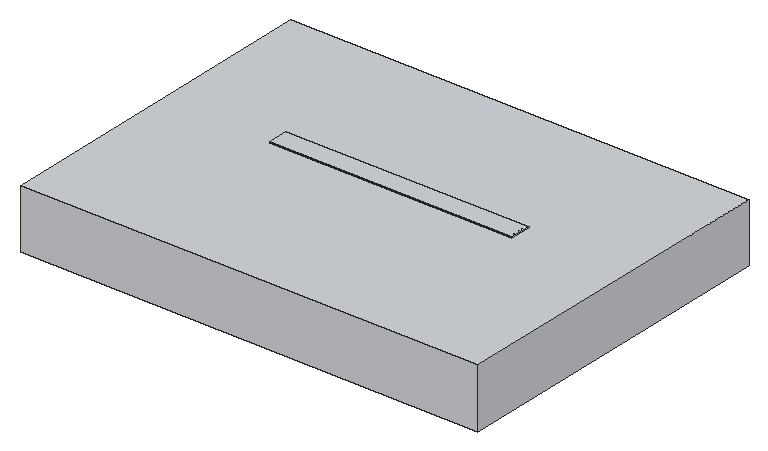
Revit family "006797a8766548419ad9a9862c420e69", category Air Terminals, host Face, Revit 2021
Family settings
  Host = Face
  Round Connector Dimension = Use Radius
  Part Type = Normal
  OmniClass Number = 23.75.70.21.27.11
  OmniClass Title = Diffusers, Registers, and Grilles
  Seek Item ID = Supply Diffuser with Plenum - Linear Slot - Hosted-0000-USA-ENU
  Cut with Voids When Loaded = No
  Shared = No
  Room Calculation Point = No
Parameters (values of type "Standard")
  Width 5 = Diffuser Half Width + 0' 1 1/4"  # 0' - 2 7/8"
  Width 4 = Diffuser Half Width / 4  # 0' - 0 13/32"
  Width 3 = Diffuser Half Width / 3  # 0' - 0.54167"
  Width 2 = Diffuser Half Width / 2  # 0' - 0 13/16"
  Width 1 = Diffuser Width / 2 + 0' 0 1/2"  # 0' - 2 1/8"
  Slot Width = 0' - 1"
  Slot Number = 2
  Pressure Drop [instance] = 0.071 in-wg
  Duct Radius = 3"
  Duct Diameter = Duct Radius * 2  # 6"
  Length 1 = Diffuser Length / 2 + 0' 0 1/2"  # 2' - 0 1/2"
  Flow [instance] = 120 CFM
  Diffuser material = none
  Diffuser Half Length = Diffuser Length * 1 / 2  # 2' - 0"
  Diffuser Width = 0' - 3 1/4"
  Diffuser Length = 4' - 0"
  Diffuser Half Width = Diffuser Width * 1 / 2  # 0' - 1 5/8"
  Default Elevation = 4' - 0"
  Assembly Code = ""
  Slot Visibility 4 = Slot Number = 4  # no
  Slot Visibility 3 = Slot Number = 3  # no
  Slot Visibility 2 = Slot Number = 2  # yes
  Slot Visibility 1 = Slot Number = 1  # no
Reference planes (in)
  plane 1 "Center (Front/Back)": y = 0
  plane 2: z = 0
  plane 3 "Center (Left/Right)": x = 0
  plane 4: y = -1.625
  plane 5: y = -2.125
  plane 6: y = 2.125
  plane 7: y = 1.625
  plane 8: x = -24
  plane 9: x = 24.5
  plane 10: x = 24
  plane 11: x = -24.5
  plane 12 "top surface": z = 0.125
  plane 13: z = -11
  plane 14: z = -9.25
  plane 15: z = -6.25
  plane 16: x = -3
  plane 17: x = 3
  plane 18: y = -2.875
  plane 19: y = 0.8125
  plane 20: y = -0.8125
  plane 21: y = 1.08333
  plane 22: y = -1.08333
  plane 23: y = 0.40625
  plane 24: y = 1.21875
  plane 25: y = -0.40625
  plane 26: y = -1.21875
Forms (in)
  Extrusion 1, solid
    sketch origin (0, 0, 0) x (1, 0, 0) y (0, 1, 0)
      loop
        line (-46.5, 30.875) -> (-46.5, -37.625) -> (46, -37.625) -> (46, 30.875) -> (-46.5, 30.875)
    from 0 to -12
  Extrusion 2, solid, material <- "Diffuser material"
    sketch origin (0, 0, 0) x (1, 0, 0) y (0, 1, 0)
      loop
        line (-24, 1.625) -> (-24, -1.625) -> (24, -1.625) -> (24, 1.625) -> (-24, 1.625)
    from -11 to 0
  Extrusion 3, solid, material <- "Diffuser material"
    sketch origin (-7.87757, -0.24542, 0) x (1, 0, 0) y (0, 1, 0)
      loop
        line (-16.62243, 2.37042) -> (-16.62243, -1.87958) -> (32.37757, -1.87958) -> (32.37757, 2.37042) -> (-16.62243, 2.37042)
    from 0 to 0.125
  Extrusion 4, solid, material <- "Diffuser material"
    sketch origin (0, 0, 0) x (1, 0, 0) y (0, 0, 1)
      loop
        circle (0, -6.25) r 3
    from 1.625 to 2.875
Lines and regions (in)
  model lines
    curve 1: line (-24, 1.625, 0.125) -> (24, 1.625, 0.125)
    curve 2: line (-24, -1.625, 0.125) -> (-24, 1.625, 0.125)
    curve 3: line (24, -1.625, 0.125) -> (-24, -1.625, 0.125)
    curve 4: line (24, 1.625, 0.125) -> (24, -1.625, 0.125)
  model lines, visible <- "Slot Visibility 2"
    curve 5: line (-24, 0.8125, 0.125) -> (24, 0.8125, 0.125)
    curve 6: line (-24, -0.8125, 0.125) -> (24, -0.8125, 0.125)
  model lines, visible <- "Slot Visibility 4"
    curve 7: line (-24, 1.21875, 0.125) -> (24, 1.21875, 0.125)
    curve 8: line (-24, -1.21875, 0.125) -> (24, -1.21875, 0.125)
    curve 9: line (-24, 0.40625, 0.125) -> (24, 0.40625, 0.125)
    curve 10: line (-24, -0.40625, 0.125) -> (24, -0.40625, 0.125)
  model lines, visible <- "Slot Visibility 3"
    curve 11: line (-24, 0, 0.125) -> (24, 0, 0.125)
    curve 12: line (-24, 1.08333, 0.125) -> (24, 1.08333, 0.125)
    curve 13: line (-24, -1.08333, 0.125) -> (24, -1.08333, 0.125)
  model lines, visible <- "Slot Visibility 1"
    curve 14: line (-24, 0, 0.125) -> (24, 0, 0.125)
  symbolic lines, visible <- "Slot Visibility 1", detail levels fine
    curve 15: line (-24, 0, 0) -> (24, 0, 0)
  symbolic lines, visible <- "Slot Visibility 3", detail levels fine
    curve 16: line (-24, 0, 0) -> (24, 0, 0)
    curve 21: line (-24, 1.08333, 0) -> (24, 1.08333, 0)
    curve 22: line (-24, -1.08333, 0) -> (24, -1.08333, 0)
  symbolic lines, visible <- "Slot Visibility 4", detail levels fine
    curve 17: line (-24, 0.40625, 0) -> (24, 0.40625, 0)
    curve 18: line (-24, -0.40625, 0) -> (24, -0.40625, 0)
    curve 23: line (-24, 1.21875, 0) -> (24, 1.21875, 0)
    curve 24: line (-24, -1.21875, 0) -> (24, -1.21875, 0)
  symbolic lines, visible <- "Slot Visibility 2", detail levels fine
    curve 19: line (-24, 0.8125, 0) -> (24, 0.8125, 0)
    curve 20: line (-24, -0.8125, 0) -> (24, -0.8125, 0)
  symbolic lines
    curve 25: line (-24.5, 2.125, 0) -> (24.5, 2.125, 0)
    curve 26: line (-24.5, -2.125, 0) -> (-24.5, 2.125, 0)
    curve 27: line (24.5, -2.125, 0) -> (-24.5, -2.125, 0)
    curve 28: line (24.5, 2.125, 0) -> (24.5, -2.125, 0)
  symbolic lines, detail levels fine
    curve 29: line (-24, 1.625, 0) -> (24, 1.625, 0)
    curve 30: line (-24, -1.625, 0) -> (-24, 1.625, 0)
    curve 31: line (24, -1.625, 0) -> (-24, -1.625, 0)
    curve 32: line (24, 1.625, 0) -> (24, -1.625, 0)
Dimensions and locks (in)
  locked: level to plane 12 "top surface" at 0.125
  locked: level to plane 13 at 11
  locked: plane 14 to plane 13 at 1.75
  equal spacing: plane 16, plane 3 "Center (Left/Right)", plane 17
  "Duct Diameter": plane 16 to plane 17
  "Duct Radius": plane 15 to plane 14
  "Length 1": plane 3 "Center (Left/Right)" to plane 9
  "Length 1": plane 11 to plane 3 "Center (Left/Right)"
  "Width 1": plane 6 to plane 1 "Center (Front/Back)"
  "Width 1": plane 5 to plane 1 "Center (Front/Back)"
  "Diffuser Half Length": plane 8 to plane 3 "Center (Left/Right)"
  "Diffuser Half Length": plane 3 "Center (Left/Right)" to plane 10
  "Diffuser Half Width": plane 1 "Center (Front/Back)" to plane 7
  "Diffuser Half Width": plane 4 to plane 1 "Center (Front/Back)"
  "Width 2": plane 1 "Center (Front/Back)" to plane 19
  "Width 2": plane 20 to plane 1 "Center (Front/Back)"
  "Width 3": plane 21 to plane 7
  "Width 3": plane 22 to plane 4
  "Width 4": plane 23 to plane 1 "Center (Front/Back)"
  "Width 4": plane 24 to plane 7
  "Width 4": plane 25 to plane 1 "Center (Front/Back)"
  "Width 4": plane 26 to plane 4
  "Width 5": plane 18 to plane 1 "Center (Front/Back)"
  "Duct Radius": radius of Extrusion 4 sketch curve
  aligned and locked: plane 2 to Extrusion 1
  aligned and locked: level to Extrusion 1
  aligned and locked: Extrusion 2 to plane 13
  aligned and locked: level to Extrusion 2
  aligned and locked: plane 4 to curve 3
  aligned and locked: plane 7 to curve 1
  aligned and locked: plane 10 to Extrusion 2
  aligned and locked: plane 3 "Center (Left/Right)" to Extrusion 4 sketch curve
  aligned and locked: plane 15 to Extrusion 4 sketch curve
  aligned and locked: plane 8 to curve 2
  aligned and locked: Extrusion 2 to plane 8
  aligned and locked: Extrusion 3 to plane 11
  aligned and locked: plane 9 to Extrusion 3
  aligned and locked: plane 6 to Extrusion 3
  aligned and locked: plane 5 to Extrusion 3
  aligned and locked: Extrusion 2 to plane 7
  aligned and locked: Extrusion 2 to plane 4
  aligned and locked: plane 4 to Extrusion 4
  aligned and locked: Extrusion 4 to plane 18
  aligned and locked: curve 5 to plane 19
  aligned and locked: plane 20 to curve 6
  aligned and locked: curve 7 to plane 24
  aligned and locked: plane 26 to curve 8
  aligned and locked: curve 9 to plane 23
  aligned and locked: plane 25 to curve 10
  aligned and locked: curve 12 to plane 21
  aligned and locked: curve 13 to plane 22
  aligned and locked: plane 1 "Center (Front/Back)" to curve 11
  aligned and locked: plane 1 "Center (Front/Back)" to curve 14
  aligned and locked: plane 18 to Extrusion 4  (x3)
  aligned and locked: curve 15 to curve 14
  aligned and locked: curve 16 to curve 14
  aligned and locked: curve 17 to curve 9
  aligned and locked: curve 18 to curve 10
  aligned and locked: curve 19 to curve 5
  aligned and locked: curve 20 to curve 6
  aligned and locked: curve 21 to curve 12
  aligned and locked: curve 22 to curve 13
  aligned and locked: curve 23 to curve 7
  aligned and locked: curve 24 to curve 8
  aligned and locked: curve 25 to Extrusion 3  (x2)
  aligned and locked: Extrusion 3 to curve 28
  aligned and locked: curve 28 to Extrusion 3
  aligned and locked: curve 2 to curve 29
  aligned and locked: curve 29 to curve 1
  aligned and locked: curve 32 to curve 3
  aligned and locked: curve 32 to curve 4
Automatic sketch dimensions
  Extrusion 2 sketch curve to plane 4 = 0' - 0"
  Extrusion 2 sketch curve to plane 8 = 0' - 0"
  Extrusion 2 sketch curve to plane 10 = 0' - 0"
  Extrusion 2 sketch curve to plane 7 = 0' - 0"
  Extrusion 3 sketch curve to plane 5 = 0' - 0"
  Extrusion 3 sketch curve to plane 11 = 0' - 0"
  Extrusion 3 sketch curve to plane 9 = 0' - 0"
  Extrusion 3 sketch curve to plane 6 = 0' - 0"
  curve 6 to plane 8 = 0' - 0"
  curve 5 to plane 8 = 0' - 0"
  curve 6 to plane 10 = 0' - 0"
  curve 5 to plane 10 = 0' - 0"
  curve 14 to plane 10 = 0' - 0"
  Extrusion 1 sketch curve to Extrusion 1 sketch curve = 7' - 8 1/2"
  Extrusion 1 sketch curve to Extrusion 1 sketch curve = 5' - 8 1/2"
Connectors (in)
  hvac at (0, -2.875, -6.25), driven by "Flow", driven by "Duct Radius", driven by "Pressure Drop"
    settings: on Extrusion 4, index 1, duct flow 120 CFM, flow factor 0, pres drop 0.071 in-wg, loss coef 0, conn angle 0.00°, conn width 12", conn height 12", conn diameter 6", duct sys type 1, conn prof type 0, flow config 1, flow direction 1, loss method 4, conn ref index -1, conn util no, is conn primary yes, conn desc ""
